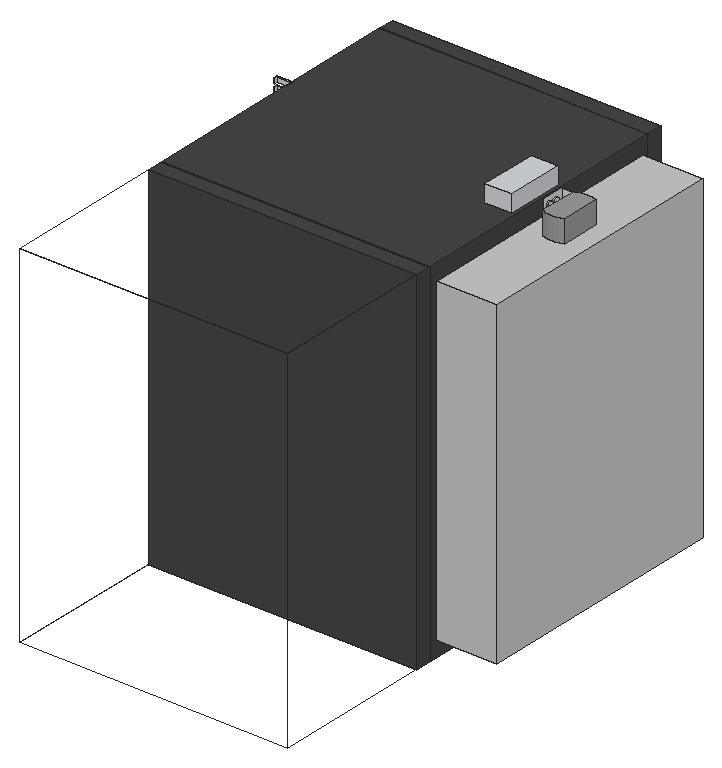
Revit family "Capsule V 2100-12500", category Оборудование, Revit 2019
Family settings
  Размер круглого соединителя = Использовать диаметр
  Классификация = Нет
  Тип детали = Нормальный
  На основе рабочей плоскости = Нет
  Всегда вертикально = Да
  При загрузке вырезать с полостями = Нет
  Общий = Нет
  Точка расчета площади = Нет
Parameters (values of type "VBox 12600")
  высота КА = 52 mm  # constant formula
  СЗ Справа [instance] = yes
  СЗ Слева [instance] = no
  СЗ_фильтры = 500 mm
  СЗ КА [instance] = yes
  Крепеж Y = 23 mm
  Крепеж X = 52.09 mm
  КА ширина = 82 mm  # constant formula
  КА длина = 180 mm  # constant formula
  ВВ толщина = 190 mm
  Толщина крышки = 50 mm  # constant formula
  С глубина = 950 mm
  ВВ ширина = 800 mm
  ВВ длина = 1000 mm
  B высота = 1100 mm
  ADSK_Ток = 8.8 A
  ADSK_Свободный напор воздуха = 645.0 Pa
  ADSK_Расход воздуха приточный = 12500.0 m³/h
  ADSK_Примечание [instance] = ""
  ADSK_Позиция [instance] = ""
  ADSK_Номинальная мощность = 5700 W
  ADSK_Напряжение = 380 V
  ADSK_Наименование = "Вытяжная установка"  # constant formula
  ADSK_Масса = 185
  ADSK_Марка = "VBox 12600"
  ADSK_Количество фаз = 3
  ADSK_Количество = 1
  ADSK_Код изделия = ""
  ADSK_Завод-изготовитель = "ООО «Турков»"  # constant formula
  ADSK_Единица измерения = "шт."  # constant formula
  A ширина = 835 mm
Types (10, lengths in mm): name | СЗ_фильтры | Крепеж X | ВВ толщина | С глубина | ВВ ширина | ВВ длина | B высота | ADSK_Ток | ADSK_Свободный напор воздуха | ADSK_Расход воздуха приточный | ADSK_Номинальная мощность | ADSK_Напряжение | ADSK_Масса | ADSK_Марка | ADSK_Количество фаз | A ширина
  VBox 6100 | 350 | 52.09 | 180 | 650 | 500 | 800 | 900 | 1.1 A | 189.0 Pa | 600.0 m³/h | 330 W | 220 V | 75 | "VBox 6100" | 1 | 635
  VBox 4100 | 400 | 7.3 | 190 | 550 | 400 | 700 | 850 | 1.9 A | 253.0 Pa | 4000.0 m³/h | 840 W | 220 V | 100 | "VBox 4100" | 1 | 635
  VBox 2100 | 350 | 52.09 | 180 | 437 | 250 | 500 | 656 | 1.1 A | 189.0 Pa | 2100.0 m³/h | 330 W | 220 V | 75 | "VBox 2100" | 1 | 528
  VBox 3100 | 300 | 52.09 | 190 | 450 | 300 | 600 | 750 | 5 A | 291.0 Pa | 3000.0 m³/h | 750 W | 220 V | 80 | "VBox 3100" | 1 | 635
  VBox 5100 | 400 | 7.3 | 190 | 550 | 400 | 700 | 850 | 3.8 A | 620.0 Pa | 5000.0 m³/h | 2500 W | 380 V | 105 | "VBox 5100" | 3 | 635
  VBox 7100 | 500 | 52.09 | 190 | 650 | 500 | 800 | 900 | 0 A | 291.0 Pa | 6000.0 m³/h | 0 W | 380 V | 120 | "VBox 7100" | 3 | 635
  VBox 8100 | 500 | 52.09 | 190 | 650 | 500 | 900 | 1000 | 5.8 A | 1009.0 Pa | 8000.0 m³/h | 3800 W | 380 V | 120 | "VBox 8100" | 3 | 735
  VBox 9100 | 500 | 52.09 | 190 | 650 | 500 | 1000 | 1100 | 5.8 A | 750.0 Pa | 9000.0 m³/h | 3800 W | 380 V | 155 | "VBox 9100" | 3 | 735
  VBox 10100 | 500 | 52.09 | 190 | 950 | 800 | 1000 | 1100 | 6.9 A | 959.0 Pa | 10000.0 m³/h | 4500 W | 380 V | 180 | "VBox 10100" | 3 | 835
  VBox 12600 | 500 | 52.09 | 190 | 950 | 800 | 1000 | 1100 | 8.8 A | 645.0 Pa | 12500.0 m³/h | 5700 W | 380 V | 185 | "VBox 12600" | 3 | 835
Reference planes
  plane 1 "По центру (Вперед/Назад)": y = 0
  plane 2: z = 0
  plane 3 "По центру (Влево/Вправо)": x = 0
  plane 4: y = 475
  plane 5: x = 417.5
  plane 6: x = -417.5
  plane 7: y = -475
  plane 8: y = 425
  plane 9: y = -425
  plane 10: z = 1100
  plane 11: z = 1152
  plane 12: x = 607.5
  plane 13: y = 975
  plane 14: y = -975
  plane 15: z = 550
Forms (mm)
  Extrusion 1, solid, material "Сталь(1)", detail levels medium+fine
    sketch origin (0, 0, 0) x (1, 0, 0) y (0, 1, 0)
      loop
        line (-417.5, 425) -> (-417.5, -425) -> (417.5, -425) -> (417.5, 425) -> (-417.5, 425)
    from 0 to 1100
  Extrusion 2, solid, material "Сталь(1)", detail levels medium+fine
    sketch origin (0, 0, 0) x (1, 0, 0) y (0, 1, 0)
      loop
        line (-417.5, 475) -> (-417.5, 425) -> (417.5, 425) -> (417.5, 475) -> (-417.5, 475)
      loop
        line (-417.5, -425) -> (-417.5, -475) -> (417.5, -475) -> (417.5, -425) -> (-417.5, -425)
    from 0 to 1100
  Extrusion 3, solid, material "Сервисная зона", visible <- "СЗ Слева", detail levels fine
    sketch origin (-708.552, -1524, 1100) x (-1, 0, 0) y (0, -1, 0)
      loop
        line (-291.052, -2499) -> (-291.052, -1999) -> (-1126.052, -1999) -> (-1126.052, -2499) -> (-291.052, -2499)
    from 0 to -1100
  Extrusion 4, solid, material "Сервисная зона", visible <- "СЗ Справа", detail levels fine
    sketch origin (0, 0, 0) x (1, 0, 0) y (0, 1, 0)
      loop
        line (-417.5, -475) -> (-417.5, -975) -> (417.5, -975) -> (417.5, -475) -> (-417.5, -475)
    from 0 to 1100
  Extrusion 5, solid, material "Сталь, Оцинкованная", detail levels medium+fine
    sketch origin (417.5, 1561.729, 1200) x (0, 1, 0) y (0, 0, 1)
      loop
        line (-1961.729, -150) -> (-1961.729, -1150) -> (-1161.729, -1150) -> (-1161.729, -150) -> (-1961.729, -150)
    from 0 to 190 <- "ВВ толщина"
  Extrusion 6, solid
    sketch origin (-708.552, -1524, 1100) x (-1, 0, 0) y (0, -1, 0)
      loop
        line (-1031.052, -1614) -> (-1031.052, -1434) -> (-1113.052, -1434) -> (-1113.052, -1614) -> (-1031.052, -1614)
    from 0 to 52
Lines and regions (mm)
  model lines, style "УГО", detail levels coarse
    curve 1: line (68.5, 0, 1100) -> (417.5, 0, 1100)
    curve 2: line (-417.5, 0, 0) -> (-417.5, 0, 1100)
    curve 3: line (417.5, 0, 0) -> (68.5, 0, 0)
    curve 4: line (417.5, 0, 1100) -> (417.5, 0, 0)
    curve 5: line (607.5, 0, 1050) -> (607.5, 0, 50)
    curve 10: line (-417.5, 0, 1100) -> (417.5, 0, 1100)
    curve 11: line (-417.5, 0, 0) -> (417.5, 0, 0)
    curve 22: line (159, 0, 550) -> (607.5, 0, 550)
    curve 23: line (-146, 0, 550) -> (-390.138, 0, 550)
    curve 30: line (607.5, 0, 1050) -> (417.5, 0, 1050)
    curve 31: line (607.5, 0, 50) -> (417.5, 0, 50)
    curve 32: line (607.5, 0, 625.175) -> (634.862, 0, 550)
    curve 33: line (607.5, 0, 474.825) -> (634.862, 0, 550)
    curve 34: line (-417.5, 0, 625.175) -> (-390.138, 0, 550)
    curve 35: line (-417.5, 0, 474.825) -> (-390.138, 0, 550)
    curve 36: line (-417.5, 0, 625.175) -> (-417.5, 0, 474.825)
  model lines, detail levels coarse
    curve 6: circle (-66, 0, 550) r 80 normal (0, -1, 0)
    curve 7: line (14, 0, 550) -> (-106, 0, 619.282)
    curve 8: line (-106, 0, 619.282) -> (-106, 0, 480.718)
    curve 9: line (-106, 0, 480.718) -> (14, 0, 550)
    curve 12: circle (134, 0, 550) r 25 normal (0, -1, 0)
    curve 13: line (169.355, 0, 514.645) -> (98.645, 0, 585.355)
    curve 20: line (109, 0, 550) -> (14, 0, 550)
  model lines, not visible, detail levels coarse
    curve 14: circle (0, 0, 182.926) r 80 normal (0, -1, 0)
    curve 15: line (-80, 0, 182.926) -> (40, 0, 113.644)
    curve 16: line (40, 0, 113.644) -> (40, 0, 252.208)
    curve 17: line (40, 0, 252.208) -> (-80, 0, 182.926)
    curve 18: circle (-200, 0, 182.926) r 25 normal (0, -1, 0)
    curve 19: line (-235.355, 0, 218.281) -> (-164.645, 0, 147.571)
    curve 21: line (-175, 0, 182.926) -> (-80, 0, 182.926)
  reference lines
    curve 24: line (159, 0, 560) -> (159, 0, 535)
    curve 25: line (-146, 0, 550) -> (-136, 0, 550)
    curve 26: line (-146, 0, 550) -> (-146, 0, 530)
    curve 42: line (634.862, 0, 550) -> (634.862, 0, 560)
    curve 44: line (-390.138, 0, 550) -> (-405.138, 0, 550)
    curve 46: line (607.5, 0, 625.175) -> (607.5, 0, 605.175)
    curve 48: line (-390.138, 0, 550) -> (-390.138, 0, 555)
  reference lines, not visible
    curve 27: line (-225, 0, 172.926) -> (-225, 0, 197.926)
    curve 28: line (80, 0, 182.926) -> (70, 0, 182.926)
    curve 29: line (80, 0, 182.926) -> (80, 0, 202.926)
    curve 43: line (291.362, 0, 328) -> (291.362, 0, 338)
    curve 45: line (-264, 0, 328) -> (-279, 0, 328)
    curve 47: line (264, 0, 403.175) -> (264, 0, 383.175)
    curve 49: line (-264, 0, 328) -> (-264, 0, 333)
  model lines, style "УГО", not visible, detail levels coarse
    curve 37: line (-291.362, 0, 403.175) -> (-264, 0, 328)
    curve 38: line (-291.362, 0, 252.825) -> (-264, 0, 328)
    curve 39: line (-291.362, 0, 403.175) -> (-291.362, 0, 252.825)
    curve 40: line (264, 0, 403.175) -> (291.362, 0, 328)
    curve 41: line (264, 0, 252.825) -> (291.362, 0, 328)
Dimensions and locks
  equal spacing: plane 6, plane 3 "По центру (Влево/Вправо)", plane 5
  equal spacing: plane 4, plane 1 "По центру (Вперед/Назад)", plane 7
  "A ширина": plane 6 to plane 5
  "С глубина": plane 4 to plane 7
  "Толщина крышки": plane 4 to plane 8
  "Толщина крышки": plane 9 to plane 7
  "B высота": plane 10 to plane 2
  plane 11 to plane 10 = 52 mm
  "ВВ толщина": plane 5 to plane 12
  "СЗ_фильтры": plane 13 to plane 4
  "СЗ_фильтры": plane 7 to plane 14
  curve 6 to plane 6 = 351.5 mm
  "Крепеж Y": plane 10 to nested 1
  "Крепеж Y": plane 10 to nested 4
  "Крепеж Y": nested 3 to plane 2
  "Крепеж Y": nested 2 to plane 2
  "Крепеж X": nested 1 to plane 1 "По центру (Вперед/Назад)"
  "Крепеж X": plane 1 "По центру (Вперед/Назад)" to nested 4
  "Крепеж X": nested 2 to plane 1 "По центру (Вперед/Назад)"
  "Крепеж X": plane 1 "По центру (Вперед/Назад)" to nested 3
  "Крепеж Y": plane 10 to nested 6
  "Крепеж Y": plane 10 to nested 5
  "Крепеж X": nested 6 to plane 1 "По центру (Вперед/Назад)"
  "Крепеж X": plane 1 "По центру (Вперед/Назад)" to nested 5
  "Крепеж X": nested 7 to plane 1 "По центру (Вперед/Назад)"
  "Крепеж X": plane 1 "По центру (Вперед/Назад)" to nested 8
  "Крепеж Y": nested 7 to plane 2
  "Крепеж Y": nested 8 to plane 2
  equal spacing: Extrusion 5 sketch curve, plane 1 "По центру (Вперед/Назад)", Extrusion 5 sketch curve
  "ВВ ширина": Extrusion 5 sketch curve to Extrusion 5 sketch curve
  "ВВ длина": Extrusion 5 sketch curve to Extrusion 5 sketch curve
  equal spacing: plane 5, nested 9, plane 12
  equal spacing: plane 10, plane 15, plane 2
  equal spacing: curve 5, plane 15, curve 5
  "ВВ длина": curve 5 to curve 5
  equal spacing: Extrusion 5 sketch curve, plane 15, Extrusion 5 sketch curve
  "КА ширина": Extrusion 6 sketch curve to Extrusion 6 sketch curve
  equal spacing: Extrusion 6 sketch curve, plane 1 "По центру (Вперед/Назад)", Extrusion 6 sketch curve
  "КА длина": Extrusion 6 sketch curve to Extrusion 6 sketch curve
  Extrusion 6 sketch curve to plane 5 = 13 mm
  "высота КА": plane 11 to plane 10
  locked: curve 8 to curve 7 (angle 60.00°)
  locked: curve 9 to curve 8 (angle 60.00°)
  locked: curve 16 to curve 15 (angle 60.00°)
  locked: curve 17 to curve 16 (angle 60.00°)
  aligned and locked: level to plane 2
  aligned and locked: Extrusion 1 sketch curve to plane 8
  aligned and locked: plane 6 to Extrusion 1 sketch curve
  aligned and locked: plane 9 to Extrusion 1 sketch curve
  aligned and locked: Extrusion 1 sketch curve to plane 5
  aligned and locked: plane 10 to Extrusion 1
  aligned and locked: plane 6 to Extrusion 2 sketch curve  (x2)
  aligned and locked: plane 8 to Extrusion 2 sketch curve
  aligned and locked: Extrusion 2 sketch curve to plane 5  (x2)
  aligned and locked: Extrusion 2 sketch curve to plane 4
  aligned and locked: Extrusion 2 sketch curve to plane 9
  aligned and locked: plane 7 to Extrusion 2 sketch curve
  aligned and locked: plane 10 to Extrusion 2
  aligned and locked: Extrusion 2 to plane 2
  aligned and locked: Extrusion 3 sketch curve to plane 13
  aligned and locked: plane 6 to Extrusion 3 sketch curve
  aligned and locked: plane 4 to Extrusion 3 sketch curve
  aligned and locked: Extrusion 3 sketch curve to plane 5
  aligned and locked: Extrusion 3 to plane 10  (x3)
  aligned and locked: Extrusion 3 to plane 2
  aligned and locked: plane 2 to Extrusion 3  (x2)
  aligned and locked: Extrusion 3 to plane 4
  aligned and locked: plane 4 to Extrusion 2
  aligned and locked: plane 13 to Extrusion 3
  aligned and locked: curve 1 to plane 10
  aligned and locked: plane 2 to curve 3
  aligned and locked: curve 10 to plane 10
  aligned and locked: curve 11 to plane 2
  aligned and locked: plane 14 to Extrusion 4 sketch curve
  aligned and locked: Extrusion 4 sketch curve to plane 5
  aligned and locked: Extrusion 4 sketch curve to plane 6
  aligned and locked: Extrusion 4 sketch curve to plane 7
  aligned and locked: plane 10 to Extrusion 4
  aligned and locked: curve 26 to curve 26
  aligned and locked: plane 6 to nested 1
  aligned and locked: plane 6 to nested 2
  aligned and locked: nested 2 to plane 6
  aligned and locked: plane 6 to nested 4
  aligned and locked: plane 6 to nested 3
  aligned and locked: nested 6 to plane 5
  aligned and locked: plane 5 to nested 6
  aligned and locked: nested 5 to plane 5
  aligned and locked: plane 5 to nested 5
  aligned and locked: plane 5 to nested 8
  aligned and locked: nested 7 to plane 5
  aligned and locked: nested 9 to plane 1 "По центру (Вперед/Назад)"
  aligned and locked: curve 5 to plane 12
  aligned and locked: curve 25 to plane 15
  aligned and locked: curve 24 to curve 22
  aligned and locked: plane 15 to curve 33
  aligned and locked: curve 23 to curve 26
  aligned and locked: plane 15 to curve 44
  aligned and locked: curve 36 to plane 6
  aligned and locked: curve 46 to plane 12
  aligned and locked: plane 12 to curve 22
  aligned and locked: curve 23 to curve 48
  aligned and locked: plane 11 to Extrusion 6
Automatic sketch dimensions
  curve 12 to curve 6 = 200 mm
  curve 12 to curve 6 = 0 mm
  curve 13 to curve 12 = 35.355 mm
  curve 20 to curve 13 = 10.355 mm
  curve 7 to curve 6 = 80 mm
  curve 6 to curve 8 = 40 mm
  curve 7 to curve 8 = 0 mm
  curve 9 to curve 8 = 0 mm
  curve 20 to curve 12 = 0 mm
  curve 13 to curve 20 = 35.355 mm
  curve 12 to curve 13 = 35.355 mm
  curve 18 to curve 14 = 200 mm
  curve 18 to curve 14 = 0 mm
  curve 19 to curve 18 = 35.355 mm
  curve 21 to curve 19 = 10.355 mm
  curve 15 to curve 14 = 80 mm
  curve 14 to curve 16 = 40 mm
  curve 15 to curve 16 = 0 mm
  curve 17 to curve 16 = 0 mm
  curve 21 to curve 18 = 0 mm
  curve 19 to curve 21 = 35.355 mm
  curve 18 to curve 19 = 35.355 mm
  curve 24 to curve 25 = 295 mm
  curve 25 to curve 26 = 10 mm
  curve 24 to curve 25 = 10 mm
  curve 24 to curve 24 = 25 mm
  curve 25 to curve 26 = 20 mm
  curve 27 to curve 28 = 295 mm
  curve 28 to curve 29 = 10 mm
  curve 27 to curve 28 = 10 mm
  curve 27 to curve 27 = 25 mm
  curve 28 to curve 29 = 20 mm
  curve 46 to curve 42 = 27.362 mm
  curve 42 to curve 42 = 10 mm
  curve 42 to curve 46 = 45.175 mm
  curve 46 to curve 46 = 20 mm
  curve 47 to curve 43 = 27.362 mm
  curve 43 to curve 43 = 10 mm
  curve 43 to curve 47 = 45.175 mm
  curve 47 to curve 47 = 20 mm
  curve 44 to curve 48 = 15 mm
  curve 44 to curve 48 = 5 mm
  curve 45 to curve 49 = 15 mm
  curve 45 to curve 49 = 5 mm
  curve 11 to plane 6 = 0 mm
  curve 3 to plane 5 = 0 mm
  curve 22 to plane 15 = 0 mm
  curve 23 to plane 15 = 0 mm
  plane 3 "По центру (Влево/Вправо)" to curve 3 = 68.5 mm
  plane 3 "По центру (Влево/Вправо)" to curve 1 = 68.5 mm
  radius of curve 12 = 25 mm
  radius of curve 18 = 25 mm
Nested families
  nested 1: "Крепежный уголок" at (-417.5, 52.09, 1077) x (0, 0, 1) z (-1, 0, 0), visible <- "СЗ Справа", type "Крепежный уголок", detail levels coarse+fine
    with СЗ Справа yes
  nested 2: "Крепежный уголок" at (-417.5, 52.09, 23) x (0, 0, 1) z (-1, 0, 0), visible <- "СЗ Справа", type "Крепежный уголок", detail levels coarse+fine
    with СЗ Справа yes
  nested 3: "Крепежный уголок" at (-417.5, -52.09, 23) x (0, 0, -1) z (-1, 0, 0), visible <- "СЗ Слева", type "Крепежный уголок", detail levels coarse+fine
    with СЗ Справа yes
  nested 4: "Крепежный уголок" at (-417.5, -52.09, 1077) x (0, 0, -1) z (-1, 0, 0), visible <- "СЗ Слева", type "Крепежный уголок", detail levels coarse+fine
    with СЗ Справа yes
  nested 5: "Крепежный уголок" at (417.5, 52.09, 1077) x (0, 0, -1) z (1, 0, 0), visible <- "СЗ Справа", type "Крепежный уголок", detail levels coarse+fine
    with СЗ Справа yes
  nested 6: "Крепежный уголок" at (417.5, -52.09, 1077) x (0, 0, 1) z (1, 0, 0), visible <- "СЗ Слева", type "Крепежный уголок", detail levels coarse+fine
    with СЗ Справа yes
  nested 7: "Крепежный уголок" at (417.5, -52.09, 23) x (0, 0, 1) z (1, 0, 0), visible <- "СЗ Слева", type "Крепежный уголок", detail levels coarse+fine
    with СЗ Справа yes
  nested 8: "Крепежный уголок" at (417.5, 52.09, 23) x (0, 0, -1) z (1, 0, 0), visible <- "СЗ Справа", type "Крепежный уголок", detail levels coarse+fine
    with СЗ Справа yes
  nested 9: "коробочка на вв Capsule" at (512.5, 0, 1050) x (-1, 0, 0) z (0, 0, 1), type "коробочка на вв Capsule"
Connectors
  hvac at (607.5, 0, 550), driven by "ВВ длина", driven by "ВВ ширина"
    settings: on Extrusion 5, index 1, duct flow 0.0 m³/h, flow factor 0, pres drop 0.0 Pa, loss coef 0, conn angle 0.00°, conn width 800 mm, conn height 1000 mm, conn diameter 609.6 mm, duct sys type 3, conn prof type 1, flow config 0, flow direction 2, loss method 0, conn ref index -1, conn util no, is conn primary yes, conn desc ""
  hvac at (-417.5, 0, 550), driven by "ВВ длина", driven by "ВВ ширина"
    settings: on Extrusion 1, index 2, duct flow 0.0 m³/h, flow factor 0, pres drop 0.0 Pa, loss coef 0, conn angle 0.00°, conn width 800 mm, conn height 1000 mm, conn diameter 609.6 mm, duct sys type 3, conn prof type 1, flow config 0, flow direction 1, loss method 0, conn ref index -1, conn util no, is conn primary no, conn desc ""
Definition of nested family "Крепежный уголок"
  Parameters (values of type "Крепежный уголок")
    СЗ Справа [instance] = yes
    Default Elevation = 1219.2 mm
  Reference planes
    plane 1 "По центру (Вперед/Назад)": y = 0
    plane 2: z = 0
    plane 3 "По центру (Влево/Вправо)": x = 0
  Forms (mm)
    Sweep 1, solid, visible <- "СЗ Справа", detail levels medium+fine
      path origin (22, -1546.962, 413.552) x (0, 0, 1) y (0, -1, 0)
        loop
          line (-413.552, -1510.962) -> (-413.552, -1582.962) -> (-363.552, -1582.962) -> (-363.552, -1570.962)
      profile origin (22, 0, 0) x (0, 0, 1) y (1, 0, 0)
        loop
          line (0, -42) -> (2, -42) -> (2, -2) -> (0, -2) -> (0, -42)
    Extrusion 2, solid, visible <- "СЗ Справа", detail levels medium+fine
      sketch origin (848.212, 1677.217, 10) x (1, 0, 0) y (0, -1, 0)
        loop
          circle (-848.212, 1695.637) r 8.018
        loop
          circle (-848.212, 1672.218) r 8.147
      from 0 to 10
    Extrusion 3, void
      sketch origin (20, 34, 2) x (0, 0, -1) y (-1, 0, 0)
        loop
          line (-48, 25) -> (-48, 15) -> (-26, 15)
          arc (-26, 15) -> (-21, 20) -> (-26, 25) r 5
          line (-26, 25) -> (-48, 25)
      from 2 to -10
  Cuts and joins
    Extrusion 3 cuts Sweep 1
    Extrusion 3 cuts Extrusion 2
    joined: Sweep 1, Extrusion 2
  Dimensions and locks
    locked: Sweep 1 sketch curve to Sweep 1 sketch curve at 72
    locked: Sweep 1 sketch curve to Sweep 1 sketch curve at 50
    locked: Sweep 1 sketch curve to Sweep 1 sketch curve at 12
    locked: Sweep 1 sketch curve to Sweep 1 sketch curve at 40
    locked: Sweep 1 sketch curve to Sweep 1 sketch curve at 2
    locked: profile plane to Sweep 1 sketch curve at 2
    locked: Extrusion 2 sketch curve to Extrusion 2 sketch curve at 23.418
    equal spacing: Sweep 1 sketch curve, plane 1 "По центру (Вперед/Назад)", Sweep 1 sketch curve
    equal spacing: Sweep 1 sketch curve, plane 3 "По центру (Влево/Вправо)", Sweep 1 sketch curve
    Extrusion 2 sketch curve to plane 1 "По центру (Вперед/Назад)" = 18.419 mm
    diameter of Extrusion 2 sketch curve = 16.036 mm
    diameter of Extrusion 2 sketch curve = 16.295 mm
    aligned and locked: level to plane 2
    aligned and locked: plane 3 "По центру (Влево/Вправо)" to Extrusion 2 sketch curve
    aligned and locked: Extrusion 2 to plane 2
Definition of nested family "коробочка на вв Capsule"
  Parameters (values of type "коробочка на вв Capsule")
    элпривод = 120 mm
    Default Elevation = 1219.2 mm
    R2 = 87.836 mm
    R1 = 78.7 mm
  Reference planes
    plane 1 "По центру (Вперед/Назад)": y = 0
    plane 2: z = 0
    plane 3 "По центру (Влево/Вправо)": x = 0
  Forms (mm)
    Extrusion 1, solid, detail levels medium+fine
      sketch origin (-98.918, -249.299, 0) x (0, 1, 0) y (-1, 0, 0)
        loop
          line (308.599, -65.118) -> (190, -65.118)
          arc (190, -65.118) -> (182.886, -98.848) -> (189.299, -132.718) r 87.836
          line (189.299, -132.718) -> (309.299, -132.718)
          arc (309.299, -132.718) -> (316.577, -98.839) -> (308.599, -65.118) r 78.7
      from 0 to 70
  Dimensions and locks
    "элпривод": Extrusion 1 sketch curve to Extrusion 1 sketch curve
    locked: Extrusion 1 sketch curve to Extrusion 1 sketch curve at 67.6
    equal spacing: Extrusion 1 sketch curve, plane 3 "По центру (Влево/Вправо)", Extrusion 1 sketch curve
    equal spacing: Extrusion 1 sketch curve, plane 1 "По центру (Вперед/Назад)", Extrusion 1 sketch curve  (x2)
    "R1": radius of Extrusion 1 sketch curve
    "R2": radius of Extrusion 1 sketch curve
    aligned and locked: level to plane 2
  Automatic sketch dimensions
    plane 1 "По центру (Вперед/Назад)" to Extrusion 1 sketch curve = 59.299 mm
